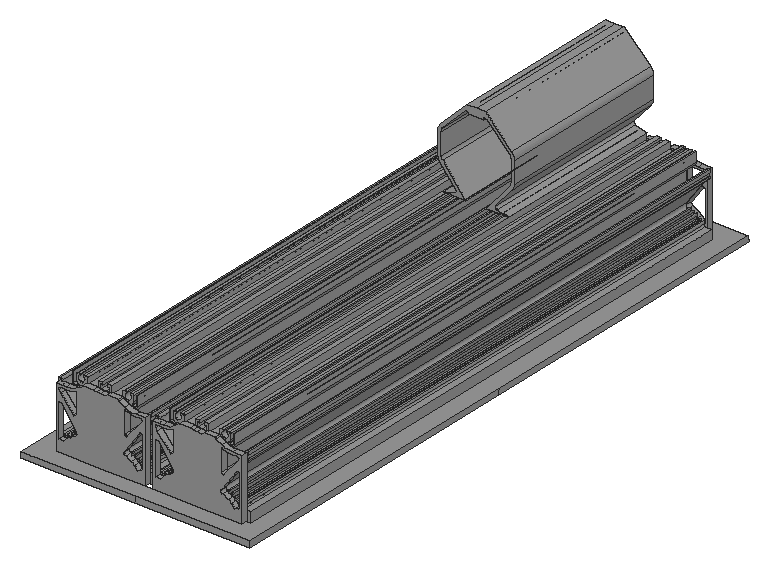
Revit family "L-street 48 Standart", category Осветительные приборы, Revit 2017 (continued)
Parameters
    1 4.8 4.6 4.1 3.2 2.8\r\n328.9 328.5 328.2 328.2 328.2 328.4 328.9 329.6 330.4 331.5 332.7 334 335.5 337.3 339.3 341.7 344.1 346.7 349.2 351.6 354.2 356.7 359.3 361.9 365 368.1 371.3 374.6 378.2 381.9 385.9 390.5 395.4 400.3 405.8 411.6 417.7 423.6 429 433.5 438.2 443.3 449.2 455.8 462.9 470.3 479 488.5 499.4 511.7 526 542.3 559.9 579.1 598.2 616.8 632.3 645.2 654.6 659.9 659.2 648.4 620.7 563.4 477.2 374.4 283.9 211.1 150.4 93 54.4 36.9 25.8 17.6 14 12.2 10.9 9.9 9.1 8.5 7.8 7.4 6.7 6.3 5.9 5.5 5.2 4.9 4.4 3.3 2.9\r\n328.9 328.5 328.3 328.3 328.5 328.8 329.3 330.1 331 332.2 333.4 334.8 336.4 338.2 340.3 342.5 344.9 347.4 350 352.6 355.1 357.6 360.2 362.9 365.9 368.9 372 375.3 378.8 382.5 386.5 391.1 396.3 401.6 407.5 413.8 420.8 427.5 433.8 439.1 444.6 450.3 457.4 465.6 474.8 485 496.5 508.6 522.2 536.9 552.8 569.8 587.4 606.2 625.2 644.8 662.4 678.1 690.6 700.2 705.2 700.9 677.7 619.9 527.1 411.5 307.8 226 157.1 93 55.9 38.9 27.5 18.9 14.9 13 11.6 10.5 9.8 9.1 8.4 7.9 7.2 6.7 6.2 5.8 5.5 5.2 4.6 3.4 2.9\r\n328.9 328.6 328.5 328.4 328.7 329.1 329.7 330.6 331.6 332.8 334.1 335.5 337.2 339.1 341.2 343.3 345.8 348.2 350.9 353.6 356.1 358.5 361.2 363.9 366.8 369.7 372.7 376 379.5 383.1 387.2 391.8 397.2 402.9 409.2 416.1 423.9 431.3 438.5 444.8 450.9 457.3 465.6 475.3 486.8 499.7 513.9 528.8 545.1 562 579.7 597.3 614.9 633.3 652.3 672.8 692.6 710.9 726.5 740.5 751.1 753.4 734.6 676.4 577.1 448.5 331.7 241 163.8 93.1 57.5 40.9 29.1 20.2 15.9 13.8 12.3 11.2 10.4 9.7 9 8.4 7.7 7.1 6.6 6.2 5.8 5.5 4.9 3.5 2.8\r\n328.9 328.6 328.5 328.6 328.9 329.3 330.1 331 332 333.3 334.7 336 337.9 339.8 342 344.3 347 349.4 352.1 355 357.6 360.1 362.8 365.6 368.5 371.5 374.5 377.7 381.2 384.8 388.9 393.5 398.8 404.6 411.1 418.5 426.6 434.3 441.8 448.1 454.5 461.5 470.8 481.7 494.7 509.3 525.6 543.2 562.8 583.2 605 627.4 649.8 673.3 697 721.2 744.1 764.1 778.2 783.6 777 755.4 714.5 642.8 541.4 421.1 315.5 229 151.8 86.9 55.2 38.9 27.8 20.1 16.2 14.2 12.6 11.6 10.7 10 9.3 8.6 8 7.4 6.8 6.4 6 5.7 5 3.6 2.9\r\n328.9 328.6 328.6 328.8 329.1 329.6 330.4 331.4 332.5 333.7 335.2 336.6 338.6 340.6 342.9 345.3 348.1 350.6 353.4 356.3 359 361.7 364.5 367.2 370.2 373.2 376.3 379.4 382.9 386.4 390.5 395.1 400.3 406.2 413.1 420.9 429.3 437.3 445 451.5 458 465.8 476 488.1 502.7 518.9 537.3 557.6 580.5 604.3 630.3 657.5 684.7 713.2 741.6 769.7 795.6 817.4 829.9 826.8 802.8 757.4 694.3 609.1 505.7 393.7 299.3 217 139.7 80.8 52.9 36.9 26.6 20 16.5 14.6 13 11.9 11.1 10.3 9.6 8.9 8.3 7.7 7.1 6.6 6.3 5.9 5.1 3.6 3\r\n328.9 328.7 328.8 328.9 329.3 330 330.8 331.9 333.1 334.4 336 337.6 339.6 341.7 344.2 346.7 349.5 352.1 355 357.9 360.7 363.5 366.4 369.2 372.3 375.3 378.4 381.5 385.1 388.8 393.1 397.8 403.2 409.1 416.2 424.2 432.7 440.8 448.6 454.7 460.9 468.4 478.4 490.1 504.2 519.7 537.4 557 579 602.2 627.4 653.9 680.8 709.8 739.9 771.3 801.5 829.4 850.7 859.9 847.5 808.1 741 643.7 528.7 412.9 318.2 234.4 150.2 84 54.9 37.9 27.2 20.8 17.3 15.2 13.5 12.4 11.5 10.7 10 9.3 8.6 7.9 7.3 6.9 6.5 6.1 5.3 3.8 3\r\n328.9 328.8 328.9 329 329.6 330.3 331.2 332.3 333.7 335.2 336.8 338.6 340.6 342.8 345.5 348.2 350.9 353.7 356.6 359.6 362.4 365.3 368.2 371.2 374.4 377.4 380.5 383.6 387.3 391.2 395.6 400.5 406 411.9 419.2 427.5 436 444.3 452.2 457.9 463.7 471 480.7 492.2 505.6 520.6 537.4 556.3 577.6 600 624.5 650.4 677 706.4 738.3 772.8 807.5 841.5 871.5 893.1 892.3 858.7 787.6 678.2 551.8 432 337.2 251.9 160.7 87.2 56.8 39 27.9 21.5 18 15.7 14.1 12.8 12 11.2 10.3 9.6 8.9 8.2 7.6 7.1 6.7 6.3 5.5 4 3.1\r\n328.9 329 329.5 330 330.7 331.9 333.2 334.6 336.2 338 339.8 341.8 344 346.5 349.2 352.1 354.9 357.8 360.7 363.6 366.4 369.2 372 374.9 377.8 380.7 383.9 387.3 391.1 395.4 400.3 405.6 411.7 418.6 427.2 436.3 444.8 452.4 459 464.7 471.7 481.1 492.7 506.6 522.4 540.2 559.7 581.7 605.8 631.5 658.1 685.9 714.5 745.8 778.3 812.3 846.4 879.2 904.3 916.2 905.6 859.1 774.4 661.5 532.7 402.1 293.1 196.3 120.8 68.8 45.8 31.7 22.8 18 15.4 13.6 12.3 11.3 10.5 9.8 9.1 8.5 7.9 7.3 6.9 6.5 6.1 5.5 4.3 3.3 2.9\r\n328.9 329.3 330.2 330.9 331.9 333.4 335.1 336.8 338.7 340.8 342.8 345 347.5 350.1 353 356 358.9 361.9 364.8 367.6 370.4 373.1 375.9 378.6 381.2 384 387.3 390.9 395 399.6 404.9 410.7 417.4 425.2 435.2 445.1 453.5 460.4 465.8 471.5 479.7 491.2 504.8 521 539.3 559.8 582 607.2 633.9 663 691.7 721.3 752.1 785.2 818.3 851.9 885.2 917 937 939.3 919 859.4 761.2 644.9 513.6 372.2 249 140.6 80.9 50.5 34.7 24.4 17.8 14.5 12.7 11.4 10.5 9.8 9.1 8.5 8 7.4 7 6.5 6.2 5.9 5.5 4.8 3.2 2.7 2.7\r\n328.9 329.4 330.2 331 332 333.4 335 336.7 338.6 340.6 342.6 344.7 347.1 349.6 352.4 355.2 358.1 360.9 363.6 366.2 368.8 371.4 374 376.6 379.2 382 385.3 388.8 392.6 397 402.2 407.8 414.4 421.9 431.2 440.5 448.4 454.9 460.4 466.2 474 484.8 497.7 513 530.2 549.4 569.9 593 617.3 643.5 669.5 695.9 722.8 751.4 780 808.5 835.6 860.9 877.7 881 869.3 832.1 763.8 664.3 532.5 377.6 247 136.9 77.5 48.8 34.8 24 17.1 14.1 12.4 11.1 10.2 9.6 8.9 8.3 7.8 7.2 6.8 6.3 6 5.7 5.4 4.7 3.1 2.7 2.7\r\n328.9 329.4 330.1 331 332.1 333.4 334.9 336.6 338.5 340.4 342.3 344.5 346.7 349.1 351.8 354.5 357.3 359.9 362.4 364.8 367.2 369.6 372.2 374.6 377.3 380.1 383.3 386.6 390.2 394.4 399.4 405 411.4 418.6 427.2 435.9 443.2 449.5 455 460.8 468.3 478.4 490.6 505 521.2 539.1 557.7 578.9 600.7 624.1 647.2 670.6 693.5 717.6 741.7 765.1 785.9 804.8 818.4 822.6 819.6 804.9 766.4 683.8 551.4 383.1 244.9 133.2 74 47.1 34.9 23.6 16.4 13.6 12.1 10.9 10 9.4 8.7 8.1 7.6 7 6.6 6.2 5.8 5.4 5.3 4.5 3 2.6 2.7\r\n328.9 329.4 330.2 331 332 333.3 334.7 336.2 338 339.7 341.5 343.5 345.5 347.8 350.3 353 355.7 358.2 360.7 363 365.4 367.8 370.3 372.8 375.5 378.3 381.5 384.8 388.6 392.8 397.6 403 409.3 416.1 424.2 432.5 439.5 445.4 450.6 455.9 462.5 471.1 481.3 493.2 506.3 520.8 536.2 553.5 571.6 591.3 611.2 631.8 652.8 675.7 698.9 722.2 742.8 761.3 775.1 781.3 780.2 768.4 735.8 659.6 539 387.4 258.5 153.6 86.2 51.2 36.2 25 17.1 13.6 12 10.8 9.8 9.2 8.5 8 7.4 6.9 6.5 6 5.7 5.4 5.1 4.5 3.1 2.7 2.7\r\n328.9 329.4 330.2 330.9 332 333.2 334.5 335.8 337.4 339.1 340.8 342.5 344.4 346.5 348.9 351.5 354.1 356.6 358.9 361.3 363.6 365.9 368.4 371 373.6 376.5 379.6 383.1 387 391.1 395.7 401 407.1 413.6 421.1 429 435.8 441.3 446.2 451 456.7 463.9 472 481.4 491.5 502.6 514.6 528.2 542.5 558.5 575.2 593 612 633.7 656.1 679.2 699.7 717.9 731.8 740 740.8 732 705.1 635.4 526.7 391.7 272.1 174 98.4 55.3 37.6 26.3 17.8 13.6 11.9 10.7 9.7 9 8.3 7.8 7.3 6.8 6.3 5.9 5.6 5.3 4.9 4.5 3.3 2.7 2.7\r\n328.9 329.5 330.3 331 332 333.1 334.2 335.5 337 338.5 340.1 341.6 343.4 345.3 347.5 350 352.5 354.9 357.3 359.6 361.8 364 366.3 368.6 371.2 373.8 376.8 380.1 383.8 387.6 392 396.7 402.2 408 414.6 421.4 427.4 432.1 436.2 439.9 444.1 449.8 456.5 464.2 472.4 481.7 492.1 504.3 517.4 532 547.1 562.9 578.6 594.9 610.3 625.2 636.8 644.4 646.8 642.2 628.3 601.4 558.5 487.4 398.1 300.5 218.4 153.5 97.9 57.3 37.8 25.4 16.7 12.7 11.3 10.1 9.1 8.4 7.8 7.3 6.8 6.4 5.9 5.5 5.2 4.9 4.6 4.3 3.2 2.7 2.7\r\n328.9 329.6 330.4 331 332 333 334 335.2 336.5 338 339.5 340.8 342.3 344.1 346.2 348.5 350.9 353.2 355.7 357.9 360.1 362.1 364.1 366.3 368.7 371.1 374 377.1 380.5 384.1 388.2 392.4 397.3 402.4 408 413.7 419 423 426.2 428.7 431.6 435.7 440.9 447 453.3 460.7 469.6 480.4 492.2 505.5 519.1 532.8 545.2 556 564.6 571.2 573.9 570.8 561.8 544.4 515.9 470.9 411.9 339.3 269.5 209.3 164.6 132.9 97.4 59.2 38 24.5 15.6 11.9 10.6 9.5 8.6 7.9 7.3 6.7 6.4 5.9 5.5 5.1 4.9 4.6 4.3 4 3 2.6 2.6\r\n328.9 329.6 330.3 330.9 331.7 332.6 333.5 334.6 335.8 337.1 338.4 339.6 341 342.5 344.5 346.6 348.8 351.1 353.5 355.6 357.6 359.4 361.2 363.2 365.5 367.9 370.6 373.6 377 380.4 384 387.7 391.8 395.9 400.4 404.8 409 412.2 414.8 416.7 419.1 422.5 426.9 432.4 438.2 444.8 451.8 459.6 467.6 476.2 484.4 492.1 497.8 501.1 501.5 498.2 489.1 471.8 446.9 414.5 377.6 335.3 291 243.7 199.4 161.3 132.5 111.4 88.8 60 38.2 24.5 15.5 11.5 10.1 9.1 8.1 7.4 6.8 6.3 5.9 5.6 5.2 4.8 4.5 4.3 4.1 3.8 3 2.6 2.6\r\n328.9 329.6 330.2 330.8 331.5 332.2 333 334 335.1 336.2 337.4 338.4 339.6 341 342.7 344.6 346.8 349 351.2 353.2 355.2 356.8 358.4 360.1 362.3 364.7 367.2 370.2 373.4 376.6 379.9 382.9 386.3 389.4 392.8 395.9 399 401.5 403.4 404.8 406.6 409.3 413 417.7 423.2 428.9 434.1 438.8 443 446.9 449.6 451.3 450.4 446.3 438.5 425.2 404.4 372.8 332.1 284.5 239.3 199.8 170 148 129.3 113.3 100.4 90 80.2 60.7 38.4 24.6 15.5 11.1 9.6 8.7 7.7 6.9 6.3 5.9 5.5 5.2 4.9 4.5 4.2 4 3.8 3.6 2.9 2.7 2.6\r\n328.9 329.6 330.1 330.7 331.3 331.9 332.7 333.7 334.6 335.6 336.6 337.5 338.6 339.9 341.4 343.2 345.2 347.2 349.1 350.9 352.7 354.2 355.8 357.6 359.7 362.1 364.5 367.1 369.7 372.2 374.7 377.2 379.9 382.5 385.1 387.6 390 392.2 394 395.5 397.2 398.9 400.9 403.2 405.8 408.1 409.5 410 409.2 407 401.9 393.5 379.6 360.7 338.2 313.8 287.4 259.5 230.5 200.1 171.3 146.3 126.5 111.3 98.3 88 80.3 73.6 62.6 45.5 29.8 19.7 12.9 9.9 8.7 7.8 6.9 6.3 5.7 5.3 5 4.7 4.4 4.1 3.8 3.6 3.4 3.1 2.7 2.6 2.5\r\n328.9 329.6 330 330.5 331 331.7 332.4 333.3 334.1 335 335.7 336.6 337.5 338.9 340.2 341.7 343.6 345.5 347 348.7 350.2 351.6 353.2 355.1 357.2 359.5 361.8 364 366 367.9 369.5 371.4 373.5 375.5 377.4 379.4 381.1 382.8 384.6 386.2 387.8 388.6 388.8 388.6 388.5 387.4 384.9 381.1 375.4 367.2 354.2 335.6 308.8 275.2 237.8 202.4 170.4 146.1 128.9 115.6 103.3 92.8 83 74.7 67.3 62.7 60.1 57.1 45.1 30.4 21.1 14.9 10.4 8.8 7.8 6.9 6.2 5.6 5.1 4.8 4.5 4.1 3.9 3.7 3.5 3.3 3.1 2.7 2.5 2.5 2.5\r\n328.9 329.5 329.8 330.3 330.6 331.2 331.7 332.4 333 333.7 334.2 334.8 335.4 336.4 337.3 338.6 340.1 341.7 343.1 344.6 346.1 347.4 348.8 350.3 352 353.8 355.5 357.1 358.6 360 361.2 362.3 363.6 365 366.4 368.1 369.5 370.4 370.9 370.8 370.5 369.4 367.5 364.9 361.4 356.8 349.7 339.5 325 306.7 283.4 257 228.1 199.7 172.9 149.4 128.6 112.2 99.6 89.2 79.7 71.9 64.6 58.5 52.9 49.3 46.4 42.2 33.6 24.5 18.4 13.7 10.1 8.5 7.6 6.7 6 5.3 4.8 4.5 4.3 3.9 3.7 3.5 3.3 3.1 3 2.6 2.4 2.4 2.4\r\n328.9 329.4 329.7 330 330.2 330.6 331 331.5 332 332.4 332.7 332.9 333.3 333.9 334.5 335.5 336.6 337.9 339.3 340.6 341.9 343.2 344.4 345.6 346.8 348.1 349.2 350.3 351.3 352.1 352.9 353.2 353.7 354.4 355.4 356.8 357.8 358 357.2 355.5 353.3 350.3 346.3 341.1 334.4 326.1 314.5 297.9 274.7 246.3 212.5 178.4 147.3 124.1 108 96.4 86.8 78.2 70.2 62.8 56.2 50.9 46.3 42.4 38.6 35.9 32.7 27.2 22.1 18.6 15.6 12.5 9.8 8.3 7.4 6.5 5.8 5.1 4.6 4.2 4.1 3.8 3.5 3.4 3.2 3 2.9 2.5 2.3 2.4 2.4\r\n328.9 329.4 329.6 329.8 330 330.2 330.4 330.7 330.9 331.1 331.2 331.3 331.4 331.6 332 332.8 333.6 334.8 335.8 337 338 339 339.9 340.7 341.5 342.3 343 343.7 344.2 344.5 344.8 344.9 345.1 345.2 345.2 345.4 345.1 344 342.1 339.1 334.9 329.9 323.6 315.4 304.1 289.5 270.1 246.3 218.3 189.8 161.8 137.2 116 100.1 88.3 79.2 71.4 64.3 57.9 52.2 47.2 43.1 39.5 36.3 33 30.2 27.2 23.3 19.6 16.9 14.4 11.8 9.5 8.3 7.4 6.6 5.8 5.1 4.5 4.1 3.9 3.6 3.4 3.3 3.1 2.9 2.8 2.5 2.3 2.3 2.4\r\n328.9 329.4 329.6 329.7 329.7 329.7 329.8 329.9 329.9 329.9 329.8 329.7 329.4 329.3 329.6 330 330.6 331.6 332.4 333.3 334.1 334.8 335.4 335.7 336.1 336.4 336.8 337 337.1 336.9 336.8 336.5 336.5 336.1 335 333.9 332.3 330.1 327 322.6 316.6 309.6 301 289.7 273.8 252.8 225.7 194.7 161.9 133.3 111 96 84.7 76.1 68.6 62 56 50.4 45.5 41.6 38.2 35.3 32.8 30.2 27.3 24.4 21.7 19.4 17.2 15.2 13.1 11 9.3 8.2 7.4 6.7 5.8 5.1 4.4 3.9 3.8 3.5 3.4 3.2 3 2.9 2.8 2.5 2.2 2.3 2.4\r\n328.9 329.3 329.4 329.4 329.3 329.2 329 328.9 328.7 328.5 328.2 327.9 327.5 327.2 327.2 327.5 327.9 328.5 329.1 329.6 330 330.3 330.4 330.6 330.7 330.8 330.8 330.7 330.4 330 329.4 328.5 327.5 326 324.1 321.7 318.8 314.9 310.1 304 296 286 272.6 255.5 233.2 207 178.6 151.5 126.8 106.9 91.5 80.4 71.6 64.3 58 52.5 47.6 43.4 39.8 36.8 34.2 31.8 29.5 27.1 24.8 22.5 20.3 18.4 16.5 14.8 13.1 11.5 9.9 8.6 7.6 6.8 6 5.3 4.5 4 3.7 3.5 3.3 3.1 2.9 2.8 2.7 2.5 2.2 2.2 2.3\r\n328.9 329.3 329.2 329.1 328.8 328.6 328.2 328 327.6 327.1 326.6 326.1 325.5 325.2 324.9 325 325.1 325.4 325.7 325.8 325.9 325.7 325.4 325.4 325.3 325.2 324.8 324.4 323.8 323 322.1 320.5 318.5 316 313.1 309.5 305.4 299.8 293.2 285.4 275.5 262.4 244.2 221.4 192.6 161.2 131.4 108.3 91.8 80.6 72 64.9 58.4 52.6 47.4 43 39.3 36.3 34 32.1 30.3 28.3 26.1 24.1 22.3 20.7 18.9 17.3 15.8 14.4 13.1 11.9 10.5 8.9 7.8 7 6.2 5.5 4.7 4 3.6 3.4 3.2 3.1 2.9 2.7 2.6 2.4 2.3 2.1 2.2\r\n328.9 329.2 329.1 328.9 328.5 328.1 327.6 327.1 326.5 325.8 325 324.2 323.5 322.9 322.5 322.3 322.2 322.1 322 321.7 321.1 320.5 319.8 319.4 319 318.6 318.3 318 317.4 316.3 314.8 312.5 309.6 306 301.6 296.4 290.5 283 273.9 262.7 247.9 229.2 205.3 179.3 152 127.2 106.1 90 78 69.4 62.5 56.6 51.2 46.4 42.2 38.8 35.9 33.6 31.7 29.9 28.2 26.4 24.5 22.9 21.5 20.1 18.6 17.3 16.1 14.8 13.7 12.7 11.6 10.2 8.7 7.5 6.6 5.9 5 4.3 3.7 3.4 3.2 3 2.9 2.7 2.6 2.4 2.2 2.1 2.2\r\n328.9 329.2 329 328.7 328.2 327.6 326.9 326.2 325.4 324.4 323.3 322.2 321.4 320.7 320.1 319.6 319.2 318.9 318.4 317.5 316.4 315.2 314.1 313.3 312.6 312.1 311.8 311.6 311 309.7 307.4 304.5 300.7 295.9 290.2 283.3 275.6 266.1 254.6 240 220.4 195.9 166.4 137.2 111.4 93.3 80.7 71.7 64.3 58.2 53 48.3 43.9 40.2 37.1 34.6 32.6 31 29.4 27.8 26.1 24.4 22.9 21.8 20.7 19.5 18.4 17.3 16.4 15.3 14.4 13.5 12.7 11.5 9.6 8 7 6.2 5.3 4.5 3.8 3.4 3.1 2.9 2.9 2.7 2.6 2.4 2.2 2.1 2.1\r\n328.9 329.1 328.9 328.5 327.9 327.2 326.4 325.6 324.6 323.3 322 320.8 319.8 318.9 318.2 317.5 316.8 316.1 315.1 313.9 312.4 310.9 309.5 308.4 307.3 306.4 305.9 305.3 304.4 302.7 300.3 297.2 293.3 288 281.6 274 265.3 254.3 240.7 223.1 200.5 173.9 145 119.4 98.6 84.1 73.5 65.7 59.1 54 49.5 45.3 41.5 38.2 35.5 33.3 31.4 29.8 28.2 26.6 25.1 23.6 22.2 21.1 20.2 19.3 18.5 17.7 16.9 16 15.1 14.3 13.5 12.5 11.1 9.6 7.9 6.6 5.7 4.9 4.1 3.5 3.2 2.9 2.8 2.7 2.6 2.4 2.2 2.1 2.1\r\n328.9 329.1 328.8 328.3 327.6 326.8 325.8 324.9 323.7 322.1 320.6 319.3 318.2 317 316.2 315.3 314.4 313.3 311.9 310.3 308.3 306.6 305 303.4 302 300.8 300 299.1 297.7 295.7 293.1 289.8 285.8 280.1 273 264.6 254.9 242.5 226.9 206.2 180.6 151.8 123.5 101.5 85.7 74.9 66.3 59.6 54 49.7 45.9 42.3 39 36.3 34 31.9 30.2 28.6 27 25.5 24.1 22.7 21.5 20.5 19.7 19.1 18.6 18 17.3 16.6 15.8 15 14.3 13.4 12.5 11.1 8.7 7.1 6.1 5.3 4.4 3.5 3.2 2.9 2.8 2.7 2.6 2.4 2.2 2.1 2\r\n328.9 329 328.7 328.1 327.3 326.4 325.3 324.1 322.7 320.9 319.1 317.6 316.3 315.1 313.9 312.8 311.5 309.9 307.9 305.7 303.5 301.4 299.5 297.5 295.7 294.2 292.6 290.6 288.1 285 281.6 277.4 272.1 265.3 257.3 247.5 235.5 219.7 200.5 176.6 150.6 125.6 104.1 88.2 76.4 67.6 60.4 54.7 50.1 46.5 43.3 40.4 37.5 35.2 33 31.1 29.4 28 26.4 25 23.6 22.4 21.1 20.3 19.8 19.2 18.7 18 17.3 16.6 15.9 15.5 15 14.4 13.9 12.8 11 9.1 7.1 5.8 4.8 3.9 3.3 3 2.8 2.7 2.6 2.4 2.2 2 2\r\n328.9 328.9 328.5 327.8 327 326 324.7 323.4 321.7 319.7 317.6 315.9 314.5 313.1 311.6 310.2 308.6 306.4 303.9 301.2 298.6 296.2 294 291.5 289.5 287.6 285.2 282.1 278.4 274.4 270.2 265 258.4 250.5 241.6 230.5 216 196.9 174.1 147 120.5 99.5 84.7 74.9 67 60.3 54.4 49.8 46.1 43.3 40.8 38.5 36.1 34 32 30.2 28.6 27.3 25.9 24.5 23.1 22 20.8 20.1 19.8 19.3 18.8 18 17.2 16.6 16.1 15.9 15.7 15.4 15.2 14.6 13.2 11.1 8.1 6.3 5.2 4.2 3.4 3 2.8 2.7 2.6 2.4 2.2 1.9 2\r\n328.9 328.9 328.5 327.7 326.8 325.6 324.3 322.8 320.9 318.7 316.5 314.6 312.9 311.3 309.7 307.9 305.7 303.1 300.1 297.1 294.1 291.4 288.9 286.5 284.2 281.7 278.6 274.9 270.7 266.1 260.9 254.6 247 238.2 228 214.8 198.1 176.2 151.4 125.6 103.6 87.8 76.3 68 61 55.2 50.3 46.6 43.7 41.5 39.4 37.3 35.1 33.1 31.3 29.7 28.2 27.1 25.8 24.6 23.2 22.1 21 20.3 19.9 19.4 19 18.3 17.7 17.1 16.5 16.2 16.1 15.8 15.4 14.6 13.5 11.9 9.7 7.9 5.9 4.6 3.8 3.2 2.8 2.7 2.5 2.4 2.2 2 2\r\n328.9 328.9 328.4 327.6 326.6 325.3 323.9 322.1 320.2 317.7 315.5 313.3 311.3 309.6 307.8 305.5 302.9 299.7 296.3 292.9 289.7 286.5 283.8 281.4 278.9 275.8 272.1 267.7 263 257.7 251.6 244.2 235.6 225.9 214.3 199.1 180.2 155.6 128.7 104.2 86.8 76 67.9 61.1 55 50 46.2 43.4 41.2 39.6 38 36.2 34.2 32.2 30.6 29.2 27.9 26.8 25.7 24.6 23.4 22.3 21.2 20.5 20 19.6 19.2 18.7 18.2 17.5 16.9 16.6 16.6 16.2 15.6 14.7 13.8 12.6 11.3 9.5 6.7 5 4.1 3.3 2.9 2.6 2.5 2.3 2.1 2 2\r\n328.9 328.9 328.4 327.5 326.4 325.1 323.6 321.7 319.6 317.1 314.7 312.3 310.2 308.2 306.1 303.5 
    300.4 296.8 293 289.3 285.8 282.4 279.6 276.9 274.1 270.5 266.3 261.4 256.2 250.1 243.2 235.1 226 215.2 202.2 185.4 164.9 140.2 115.8 95.1 80.7 71.6 64.3 57.9 52.3 47.8 44.6 42.2 40.4 39 37.5 35.7 33.8 31.9 30.4 29.1 27.9 26.8 25.6 24.5 23.5 22.5 21.6 20.9 20.4 20 19.7 19.3 18.7 17.9 17.1 16.4 16.1 15.7 15.1 14.4 13.4 12 10.7 9.2 7.3 5.8 4.5 3.6 3 2.7 2.4 2.3 2.1 2 2\r\n328.9 328.9 328.4 327.4 326.2 324.9 323.3 321.3 319 316.4 313.9 311.3 309 306.8 304.4 301.5 297.9 293.8 289.8 285.7 281.9 278.3 275.3 272.4 269.3 265.2 260.5 255.1 249.3 242.6 234.8 226.1 216.3 204.5 190.1 171.6 149.6 124.8 102.9 85.9 74.6 67.1 60.6 54.8 49.6 45.7 42.9 41 39.6 38.4 37 35.3 33.4 31.7 30.2 29 27.9 26.8 25.5 24.4 23.6 22.6 21.9 21.3 20.7 20.4 20.3 20 19.3 18.3 17.3 16.3 15.6 15.2 14.6 14 13 11.4 10.1 9 8 6.6 5 3.8 3.1 2.7 2.4 2.3 2.1 1.9 1.9\r\n328.9 328.9 328.2 327.1 325.9 324.5 322.8 320.6 318.3 315.7 313.1 310.5 308 305.6 302.9 299.6 295.7 291.3 287 282.6 278.7 275.2 272.2 269.1 265.7 261.3 256.3 250.5 244.3 237 228.7 219.3 208.6 195.5 179.4 159.1 136 112.5 93.6 79.8 70.4 63.7 57.4 51.9 47.3 44.1 41.9 40.3 39 37.9 36.5 34.9 33.1 31.6 30.2 28.9 27.6 26.4 25.3 24.4 23.6 23 22.6 22.3 22.1 21.9 21.5 20.7 19.8 18.7 17.6 16.5 15.6 14.8 13.9 13.2 12.1 10.9 9.8 8.8 7.7 6.5 5.2 4 3.1 2.7 2.4 2.3 2.1 1.9 1.9\r\n328.9 328.8 328 326.8 325.5 324.1 322.3 320 317.6 314.9 312.2 309.6 307 304.3 301.4 297.6 293.5 288.8 284.2 279.5 275.5 272 269 265.9 262 257.3 252 245.8 239.2 231.4 222.7 212.6 201 186.6 168.7 146.5 122.3 100.1 84.4 73.6 66.3 60.4 54.3 48.9 44.9 42.4 40.8 39.5 38.4 37.3 35.9 34.5 32.8 31.5 30.3 28.7 27.3 26.1 25.2 24.3 23.7 23.4 23.2 23.4 23.4 23.3 22.6 21.5 20.3 19.1 17.8 16.7 15.6 14.4 13.2 12.3 11.3 10.5 9.6 8.6 7.5 6.4 5.4 4.1 3.2 2.6 2.4 2.2 2.1 1.9 1.9\r\n328.9 328.8 328 326.8 325.6 324 322.1 319.8 317.3 314.6 311.8 309.2 306.4 303.5 300.2 296.1 291.6 286.6 281.7 276.8 272.7 269.1 266.1 262.7 258.6 253.5 248 241.7 234.8 226.8 217.9 207.5 195.5 180.5 162.1 139.5 116 95.4 81.2 71.4 64.5 58.7 52.6 47.6 44.1 42 40.5 39.4 38.3 37.2 35.9 34.6 33.2 31.7 30.3 28.8 27.5 26.4 25.5 24.9 24.6 24.5 24.4 24.3 24.2 23.9 23.2 22.2 20.9 19.6 18.3 17.1 15.9 14.7 13.7 12.8 11.8 10.8 9.9 8.8 7.8 6.7 5.7 4.6 3.5 2.8 2.5 2.2 2.1 1.9 1.9\r\n328.9 328.8 328 326.8 325.6 323.9 321.9 319.6 317 314.2 311.4 308.7 305.8 302.6 299 294.5 289.6 284.3 279.2 274.1 269.9 266.3 263.1 259.5 255.2 249.8 244 237.6 230.5 222.2 213.2 202.5 190.1 174.5 155.5 132.5 109.6 90.7 78 69.1 62.8 57 50.9 46.2 43.3 41.5 40.3 39.3 38.3 37.1 36 34.8 33.6 31.9 30.3 28.9 27.7 26.6 25.9 25.5 25.4 25.6 25.5 25.2 24.9 24.4 23.8 22.8 21.6 20.2 18.7 17.4 16.1 15 14.1 13.3 12.3 11.2 10.2 9 8 6.9 6 5.1 3.8 3 2.5 2.2 2.1 1.9 1.9\r\n328.9 328.9 328.2 327.1 325.7 324 322.1 319.8 317.3 314.4 311.6 308.9 305.9 302.7 299 294.5 289.5 284.1 278.8 273.5 269 265.2 261.9 258.1 253.6 248.1 242.1 235.5 228.2 219.8 210.5 199.7 186.9 170.9 151.6 128.7 106.5 88.7 77 68.5 62.4 56.6 50.7 46.1 43.2 41.6 40.4 39.5 38.4 37.3 36.1 35 33.7 32 30.4 29 27.9 27 26.4 26.2 26.3 26.2 25.7 25.3 24.9 24.5 23.9 23 21.7 20.3 18.8 17.4 16.1 15.1 14.2 13.3 12.2 11.2 10.1 8.9 7.8 6.6 5.5 4.6 3.7 3 2.6 2.2 2.1 1.9 1.9\r\n328.9 328.9 328.4 327.3 325.8 324.1 322.3 320 317.5 314.7 311.9 309.1 306.1 302.8 299 294.4 289.4 283.8 278.3 272.9 268.2 264.1 260.6 256.7 252 246.4 240.3 233.4 226 217.4 207.9 196.8 183.7 167.4 147.8 124.9 103.3 86.7 75.9 67.9 62 56.3 50.4 46 43.1 41.6 40.5 39.7 38.5 37.5 36.3 35.3 33.8 32.1 30.5 29.2 28.1 27.3 26.9 27 27.1 26.8 26 25.4 25 24.6 24 23.1 21.9 20.4 18.9 17.3 16.1 15.2 14.2 13.2 12.2 11.1 9.9 8.8 7.7 6.3 5 4.1 3.5 3 2.6 2.3 2.1 1.9 1.9\r\n328.9 328.8 328 326.9 325.4 323.7 321.8 319.4 316.9 314 311.2 308.4 305.4 302 298.2 293.5 288.4 282.7 277.2 271.7 267 263.1 259.6 255.6 250.7 244.9 238.7 231.9 224.4 215.9 206.4 195.2 181.8 165.1 144.9 121.7 100.3 84.5 74.4 66.8 61 55.1 49.4 45.3 42.7 41.4 40.3 39.4 38.3 37.2 36.1 35 33.4 31.6 30.1 28.9 27.8 27.2 27 27.1 27.1 26.6 25.8 25.2 24.9 24.6 23.9 23 21.8 20.3 18.7 17.2 15.9 14.9 14 13.1 12 11 9.7 8.5 7.3 6.1 4.7 4 3.4 2.9 2.5 2.2 2.1 2 1.9\r\n328.9 328.6 327.7 326.6 325.1 323.3 321.3 318.9 316.3 313.4 310.6 307.8 304.7 301.3 297.4 292.6 287.4 281.7 276 270.5 265.9 262.1 258.5 254.5 249.5 243.5 237.2 230.3 222.8 214.3 204.9 193.6 179.9 162.7 142.1 118.4 97.2 82.4 73 65.8 59.9 54 48.4 44.5 42.3 41.1 40.1 39.2 38 36.9 35.9 34.7 32.9 31.1 29.8 28.5 27.6 27.1 27.1 27.3 27 26.5 25.6 25 24.8 24.6 23.9 23 21.7 20.2 18.5 17.1 15.8 14.7 13.9 12.9 11.8 10.8 9.4 8.2 7 5.8 4.5 3.9 3.2 2.8 2.4 2.2 2 2 1.9\r\n"
  built-in parameter 1150133 = 10 (stored number, unit not read)
  Wattage = 57.3037 W
  built-in parameter 1150139 = (empty or 0)
  Классификация нагрузок = Освещение
  built-in parameter 1150138 = (empty or 0)
  built-in parameter 1150107 = 4000 (stored number, unit not read)
  built-in parameter 1150102 = (empty or 0)
  Артикул = "412107623741500"
Reference planes
  plane 1 "По центру (Вперед/Назад)": y = 0
  plane 2: z = 0
  plane 3 "По центру (Влево/Вправо)": x = 0
  plane 4: z = 0
  plane 5 "Центр": x = 0
  plane 6 "Для крышки": x = -501.5
  plane 7 "Для крышки "": y = 501.5
  plane 8 "Для переходника": y = 519.5
  plane 9 "Полость справа": y = -519.5
Forms (mm)
  Extrusion 1, solid, material "Алюминий"
    sketch origin (41.984, 0, 23.204) x (0, 0, -1) y (-1, 0, 0)
      loop
        line (-40, 0) -> (-40, -3.9) -> (-43.997, -3.9) -> (-43.997, -2.437) -> (-45.997, -2.437) -> (-45.997, -5.937) -> (-40, -5.937) -> (-40, -15.337) -> (-44.704, -15.337)
        arc (-44.704, -15.337) -> (-45.618, -15.715) -> (-45.997, -16.629) r 1.292
        line (-45.997, -16.629) -> (-45.997, -18.584) -> (-44.795, -18.584)
        arc (-44.795, -18.584) -> (-39.695, -20.307) -> (-44.911, -21.637) r 2.807
        line (-44.911, -21.637) -> (-45.997, -21.637) -> (-45.997, -23.52)
        arc (-45.997, -23.52) -> (-45.611, -24.451) -> (-44.68, -24.837) r 1.316
        line (-44.68, -24.837) -> (-40, -24.837)
        arc (-40, -24.837) -> (-39.064, -24.548) -> (-38.453, -23.784) r 1.662
        arc (-38.453, -23.784) -> (-38.007, -23.392) -> (-37.429, -23.526) r 0.649
        line (-37.429, -23.526) -> (-36.119, -24.837)
        arc (-36.119, -24.837) -> (-35.836, -26.397) -> (-37.197, -27.21) r 1.392
        line (-37.197, -27.21) -> (-45.997, -27.21) -> (-45.997, -28.21) -> (-37.226, -28.21)
        arc (-37.226, -28.21) -> (-34.917, -26.793) -> (-35.412, -24.129) r 2.392
        line (-35.412, -24.129) -> (-36.722, -22.819)
        arc (-36.722, -22.819) -> (-35.361, -20.286) -> (-32.5, -20) r 3.06
        line (-32.5, -20) -> (-16.2, -20)
        arc (-16.2, -20) -> (-13.854, -21.637) -> (-14.58, -24.404) r 2.5
        line (-14.58, -24.404) -> (-28.098, -35.904)
        arc (-28.098, -35.904) -> (-31.33, -37.307) -> (-34.826, -37.742) r 12.359
        arc (-34.826, -37.742) -> (-35.928, -38.18) -> (-36.386, -39.273) r 1.531
        line (-36.386, -39.273) -> (-36.386, -40.542) -> (-33.886, -40.542) -> (-33.886, -39.308) -> (-30.84, -39.308) -> (-30.84, -40.542) -> (-29.412, -40.542)
        arc (-29.412, -40.542) -> (-28.687, -40.242) -> (-28.386, -39.517) r 1.025
        line (-28.386, -39.517) -> (-28.386, -38.542)
        arc (-28.386, -38.542) -> (-27.946, -37.591) -> (-27.206, -36.849) r 3
        line (-27.206, -36.849) -> (-2.918, -19.842)
        arc (-2.918, -19.842) -> (0.126, -19.584) -> (1.857, -22.1) r 3.04
        line (1.857, -22.1) -> (-0.402, -22.919)
        arc (-0.402, -22.919) -> (-0.684, -23.515) -> (-0.089, -23.801) r 0.468
        line (-0.089, -23.801) -> (2.436, -23.171)
        arc (2.436, -23.171) -> (2.855, -24.026) -> (3.314, -24.86) r 20
        line (3.314, -24.86) -> (0.896, -25.771)
        arc (0.896, -25.771) -> (0.639, -26.346) -> (1.218, -26.597) r 0.443
        line (1.218, -26.597) -> (4.092, -26.09)
        arc (4.092, -26.09) -> (4.656, -26.874) -> (5.258, -27.63) r 20
        line (5.258, -27.63) -> (2.914, -28.459)
        arc (2.914, -28.459) -> (2.615, -29.11) -> (3.275, -29.39) r 0.5
        line (3.275, -29.39) -> (6.186, -28.665)
        arc (6.186, -28.665) -> (7.078, -29.537) -> (8.024, -30.351) r 20
        arc (8.024, -30.351) -> (5.97, -30.775) -> (4.839, -32.541) r 2.7
        line (4.839, -32.541) -> (6.022, -32.745)
